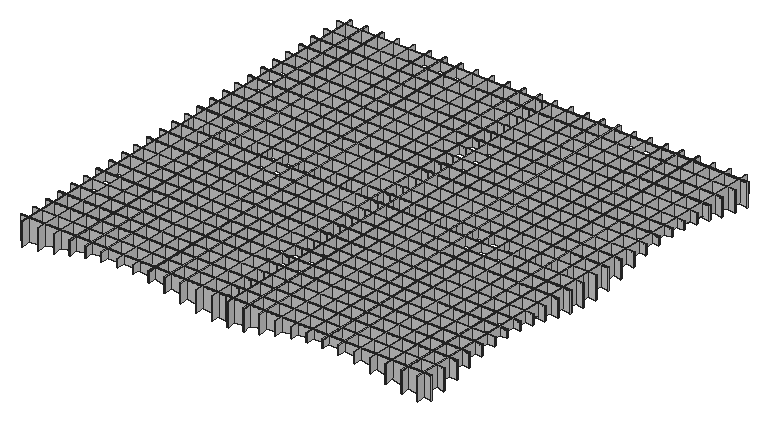
Revit family "CLD-WFL-002_RFA", category Modelos genéricos, Revit 2022 (continued)
Forms (in)
  Extrusion 24, solid
    sketch origin (0, 45.45478, 0) x (1, 0, 0) y (0, 0, 1)
      loop
        spline (3.90978, 7.46871) -> (4.64427, 7.44283) -> (5.37852, 7.41184) -> (6.11245, 7.37564) -> (6.84598, 7.33415) -> (7.57905, 7.28726) -> (8.31158, 7.23488) -> (9.04349, 7.17692) -> (9.77471, 7.11327) -> (10.50517, 7.04386) -> (11.23479, 6.96857) -> (11.9635, 6.88732) -> (12.69122, 6.80001)
        spline (12.69122, 6.80001) -> (13.34456, 6.71191) -> (13.99682, 6.61804) -> (14.64799, 6.5185) -> (15.29813, 6.41358) -> (15.94729, 6.30354) -> (16.59553, 6.18867) -> (17.2429, 6.06925) -> (17.88946, 5.94556) -> (18.53527, 5.81787) -> (19.18038, 5.68647) -> (19.82484, 5.55162) -> (20.46871, 5.41362)
        spline (20.46871, 5.41362) -> (21.20701, 5.25043) -> (21.94481, 5.08446) -> (22.68216, 4.91603) -> (23.41914, 4.74548) -> (24.15581, 4.57314) -> (24.89224, 4.39932) -> (25.62848, 4.22436) -> (26.36461, 4.04857) -> (27.10068, 3.8723) -> (27.83677, 3.69586) -> (28.57293, 3.51959) -> (29.30922, 3.3438)
        spline (29.30922, 3.3438) -> (29.95995, 3.18922) -> (30.61094, 3.03586) -> (31.26223, 2.884) -> (31.91387, 2.73392) -> (32.56591, 2.58591) -> (33.21841, 2.44027) -> (33.87141, 2.29726) -> (34.52497, 2.15719) -> (35.17914, 2.02034) -> (35.83396, 1.88699) -> (36.48949, 1.75744) -> (37.14578, 1.63196)
        spline (37.14578, 1.63196) -> (37.87194, 1.50186) -> (38.59907, 1.37703) -> (39.32723, 1.25779) -> (40.05647, 1.14445) -> (40.78684, 1.03728) -> (41.51831, 0.93629) -> (42.25083, 0.84139) -> (42.98434, 0.75249) -> (43.71879, 0.66948) -> (44.45413, 0.59228) -> (45.19029, 0.52078) -> (45.92722, 0.45488)
        spline (45.92722, 0.45488) -> (46.57816, 0.40504) -> (47.22964, 0.35985) -> (47.88162, 0.31924) -> (48.53404, 0.28312) -> (49.18687, 0.2514) -> (49.84004, 0.224) -> (50.49352, 0.20084) -> (51.14725, 0.18183) -> (51.80119, 0.1669) -> (52.45529, 0.15595) -> (53.1095, 0.14891) -> (53.76378, 0.14568)
        spline (53.76378, 0.14568) -> (54.49695, 0.14945) -> (55.23005, 0.1575) -> (55.96302, 0.16993) -> (56.69581, 0.18682) -> (57.42837, 0.20828) -> (58.16064, 0.23439) -> (58.89257, 0.26525) -> (59.6241, 0.30095) -> (60.35518, 0.34158) -> (61.08577, 0.38725) -> (61.8158, 0.43804) -> (62.54522, 0.49405)
        spline (62.54522, 0.49405) -> (63.20286, 0.55285) -> (63.85981, 0.61666) -> (64.51602, 0.68555) -> (65.17144, 0.75961) -> (65.82603, 0.83894) -> (66.47973, 0.92362) -> (67.1325, 1.01374) -> (67.78428, 1.10938) -> (68.43505, 1.21052) -> (69.08486, 1.31692) -> (69.73376, 1.42831) -> (70.38178, 1.54441)
        spline (70.38178, 1.54441) -> (71.11719, 1.68452) -> (71.85174, 1.82919) -> (72.58551, 1.97812) -> (73.31855, 2.13097) -> (74.05091, 2.28743) -> (74.78265, 2.44718) -> (75.51383, 2.60988) -> (76.24449, 2.77524) -> (76.97471, 2.94291) -> (77.70453, 3.11258) -> (78.43402, 3.28394) -> (79.16322, 3.45665)
        spline (79.16322, 3.45665) -> (79.81589, 3.61318) -> (80.46845, 3.77015) -> (81.12094, 3.92726) -> (81.77342, 4.08422) -> (82.42595, 4.24075) -> (83.07858, 4.39655) -> (83.73137, 4.55134) -> (84.38439, 4.70482) -> (85.03768, 4.85671) -> (85.6913, 5.00672) -> (86.34531, 5.15455) -> (86.99978, 5.29992)
        spline (86.99978, 5.29992) -> (87.72678, 5.4553) -> (88.45445, 5.60712) -> (89.18284, 5.75506) -> (89.91202, 5.8988) -> (90.64204, 6.03803) -> (91.37299, 6.17243) -> (92.1049, 6.3017) -> (92.83786, 6.42551) -> (93.57191, 6.54354) -> (94.30712, 6.6555) -> (95.04356, 6.76106) -> (95.78122, 6.8601)
        spline (95.78122, 6.8601) -> (96.43065, 6.93786) -> (97.08095, 7.01021) -> (97.73207, 7.07724) -> (98.38393, 7.13903) -> (99.03648, 7.19567) -> (99.68963, 7.24723) -> (100.34334, 7.29382) -> (100.99753, 7.33551) -> (101.65213, 7.37238) -> (102.30709, 7.40452) -> (102.96233, 7.43202) -> (103.61778, 7.45496)
        spline (103.61778, 7.45496) -> (103.98301, 7.46494) -> (104.34826, 7.47372) -> (104.71353, 7.4813) -> (105.0788, 7.48768) -> (105.44406, 7.4929) -> (105.80931, 7.49695) -> (106.17454, 7.49984) -> (106.53973, 7.5016) -> (106.90488, 7.50223) -> (107.26998, 7.50173) -> (107.63503, 7.50014) -> (108, 7.49745)
        line (108, 7.49745) -> (108, 11.82144)
    from -0.47244 to 0
  Extrusion 25, solid
    sketch origin (0, 53.64567, 0) x (1, 0, 0) y (0, 0, 1)
      loop
        line (108, 11.82144) -> (0, 11.82144) -> (0, 7.82144)
        spline (0, 7.82144) -> (0.32561, 7.82095) -> (0.65129, 7.81946) -> (0.97702, 7.81696) -> (1.3028, 7.81344) -> (1.62862, 7.80889) -> (1.95447, 7.8033) -> (2.28035, 7.79666) -> (2.60624, 7.78896) -> (2.93213, 7.78018) -> (3.25803, 7.77032) -> (3.58391, 7.75937) -> (3.90978, 7.74731)
        spline (3.90978, 7.74731) -> (4.64427, 7.71242) -> (5.37852, 7.6723) -> (6.11245, 7.62684) -> (6.84598, 7.57595) -> (7.57905, 7.51952) -> (8.31158, 7.45747) -> (9.04349, 7.38968) -> (9.77471, 7.31607) -> (10.50517, 7.23653) -> (11.23479, 7.15095) -> (11.9635, 7.05926) -> (12.69122, 6.96133)
        spline (12.69122, 6.96133) -> (13.34952, 6.86267) -> (14.00673, 6.75803) -> (14.66285, 6.64752) -> (15.31792, 6.53144) -> (15.97202, 6.41007) -> (16.62518, 6.28371) -> (17.27747, 6.15266) -> (17.92894, 6.0172) -> (18.57965, 5.87763) -> (19.22966, 5.73424) -> (19.87902, 5.58733) -> (20.52778, 5.43719)
        spline (20.52778, 5.43719) -> (21.26115, 5.26223) -> (21.99402, 5.08449) -> (22.72645, 4.90432) -> (23.4585, 4.72204) -> (24.19025, 4.53802) -> (24.92176, 4.35257) -> (25.65308, 4.16604) -> (26.38429, 3.97878) -> (27.11545, 3.79111) -> (27.84661, 3.60337) -> (28.57785, 3.41592) -> (29.30922, 3.22908)
        spline (29.30922, 3.22908) -> (29.95995, 3.06408) -> (30.61094, 2.90045) -> (31.26223, 2.73848) -> (31.91387, 2.57847) -> (32.56591, 2.42072) -> (33.21841, 2.26553) -> (33.87141, 2.1132) -> (34.52497, 1.96402) -> (35.17914, 1.81831) -> (35.83396, 1.67635) -> (36.48949, 1.53845) -> (37.14578, 1.4049)
        spline (37.14578, 1.4049) -> (37.87194, 1.26645) -> (38.59907, 1.13361) -> (39.32723, 1.00672) -> (40.05647, 0.88609) -> (40.78684, 0.772) -> (41.51831, 0.66448) -> (42.25083, 0.56343) -> (42.98434, 0.46874) -> (43.71879, 0.38032) -> (44.45413, 0.29806) -> (45.19029, 0.22187) -> (45.92722, 0.15163)
        spline (45.92722, 0.15163) -> (46.57816, 0.09849) -> (47.22964, 0.0503) -> (47.88162, 0.00698) -> (48.53404, -0.03156) -> (49.18687, -0.06541) -> (49.84004, -0.09465) -> (50.49352, -0.11938) -> (51.14725, -0.13967) -> (51.80119, -0.15563) -> (52.45529, -0.16732) -> (53.1095, -0.17485) -> (53.76378, -0.1783)
        spline (53.76378, -0.1783) -> (54.49695, -0.17427) -> (55.23005, -0.16567) -> (55.96302, -0.1524) -> (56.69581, -0.13436) -> (57.42837, -0.11145) -> (58.16064, -0.08358) -> (58.89257, -0.05065) -> (59.6241, -0.01255) -> (60.35519, 0.0308) -> (61.08577, 0.07951) -> (61.8158, 0.13367) -> (62.54522, 0.19339)
        spline (62.54522, 0.19339) -> (63.20286, 0.25606) -> (63.85981, 0.32405) -> (64.51602, 0.39745) -> (65.17144, 0.47635) -> (65.82603, 0.56084) -> (66.47973, 0.65101) -> (67.1325, 0.74696) -> (67.78428, 0.84876) -> (68.43505, 0.95641) -> (69.08486, 1.06964) -> (69.73376, 1.18818) -> (70.38178, 1.31173)
        spline (70.38178, 1.31173) -> (71.11718, 1.46086) -> (71.85174, 1.61486) -> (72.58551, 1.77342) -> (73.31855, 1.93618) -> (74.05091, 2.10281) -> (74.78265, 2.27299) -> (75.51382, 2.44637) -> (76.24449, 2.62262) -> (76.97471, 2.8014) -> (77.70453, 2.98238) -> (78.43402, 3.16522) -> (79.16322, 3.34958)
        spline (79.16322, 3.34958) -> (79.81589, 3.5168) -> (80.46845, 3.68457) -> (81.12094, 3.85259) -> (81.77342, 4.02055) -> (82.42595, 4.18815) -> (83.07858, 4.35509) -> (83.73137, 4.52107) -> (84.38439, 4.68578) -> (85.03768, 4.84892) -> (85.6913, 5.01019) -> (86.34531, 5.16929) -> (86.99978, 5.32592)
        spline (86.99978, 5.32592) -> (87.72678, 5.49371) -> (88.45445, 5.65788) -> (89.18284, 5.8181) -> (89.91202, 5.97405) -> (90.64205, 6.12539) -> (91.37299, 6.27179) -> (92.10491, 6.41294) -> (92.83786, 6.54849) -> (93.57191, 6.67812) -> (94.30713, 6.8015) -> (95.04356, 6.9183) -> (95.78122, 7.02841)
        spline (95.78122, 7.02841) -> (96.43065, 7.11563) -> (97.08095, 7.1973) -> (97.73207, 7.2735) -> (98.38393, 7.34432) -> (99.03648, 7.40985) -> (99.68963, 7.47018) -> (100.34334, 7.52539) -> (100.99753, 7.57558) -> (101.65213, 7.62083) -> (102.30709, 7.66123) -> (102.96233, 7.69687) -> (103.61778, 7.72784)
        spline (103.61778, 7.72784) -> (103.98301, 7.74223) -> (104.34826, 7.75539) -> (104.71352, 7.76731) -> (105.07879, 7.77803) -> (105.44406, 7.78753) -> (105.80931, 7.79585) -> (106.17453, 7.80299) -> (106.53973, 7.80897) -> (106.90488, 7.81379) -> (107.26998, 7.81746) -> (107.63503, 7.82001) -> (108, 7.82144)
        line (108, 7.82144) -> (108, 11.82144)
    from -0.11811 to 0
  Extrusion 26, solid, not visible
    sketch origin (0, 41.545, 0) x (1, 0, 0) y (0, 0, 1)
      loop
        line (108, 11.82144) -> (0, 11.82144) -> (0, 7.49745)
        spline (0, 7.49745) -> (0.32561, 7.50061) -> (0.65129, 7.5028) -> (0.97702, 7.504) -> (1.3028, 7.50421) -> (1.62862, 7.5034) -> (1.95447, 7.50158) -> (2.28035, 7.49874) -> (2.60624, 7.49485) -> (2.93213, 7.48991) -> (3.25803, 7.48392) -> (3.58391, 7.47685) -> (3.90978, 7.46871)
        spline (3.90978, 7.46871) -> (4.64427, 7.44283) -> (5.37852, 7.41184) -> (6.11245, 7.37564) -> (6.84598, 7.33415) -> (7.57905, 7.28726) -> (8.31158, 7.23488) -> (9.04349, 7.17692) -> (9.77471, 7.11327) -> (10.50517, 7.04386) -> (11.23479, 6.96857) -> (11.9635, 6.88732) -> (12.69122, 6.80001)
        spline (12.69122, 6.80001) -> (13.34456, 6.71191) -> (13.99682, 6.61804) -> (14.64799, 6.5185) -> (15.29813, 6.41358) -> (15.94729, 6.30354) -> (16.59553, 6.18867) -> (17.2429, 6.06925) -> (17.88946, 5.94556) -> (18.53527, 5.81787) -> (19.18038, 5.68647) -> (19.82484, 5.55162) -> (20.46871, 5.41362)
        spline (20.46871, 5.41362) -> (21.20701, 5.25043) -> (21.94481, 5.08446) -> (22.68216, 4.91603) -> (23.41914, 4.74548) -> (24.15581, 4.57314) -> (24.89224, 4.39932) -> (25.62848, 4.22436) -> (26.36461, 4.04857) -> (27.10068, 3.8723) -> (27.83677, 3.69586) -> (28.57293, 3.51959) -> (29.30922, 3.3438)
        spline (29.30922, 3.3438) -> (29.95995, 3.18922) -> (30.61094, 3.03586) -> (31.26223, 2.884) -> (31.91387, 2.73392) -> (32.56591, 2.58591) -> (33.21841, 2.44027) -> (33.87141, 2.29726) -> (34.52497, 2.15719) -> (35.17914, 2.02034) -> (35.83396, 1.88699) -> (36.48949, 1.75744) -> (37.14578, 1.63196)
        spline (37.14578, 1.63196) -> (37.87194, 1.50186) -> (38.59907, 1.37703) -> (39.32723, 1.25779) -> (40.05647, 1.14445) -> (40.78684, 1.03728) -> (41.51831, 0.93629) -> (42.25083, 0.84139) -> (42.98434, 0.75249) -> (43.71879, 0.66948) -> (44.45413, 0.59228) -> (45.19029, 0.52078) -> (45.92722, 0.45488)
        spline (45.92722, 0.45488) -> (46.57816, 0.40504) -> (47.22964, 0.35985) -> (47.88162, 0.31924) -> (48.53404, 0.28312) -> (49.18687, 0.2514) -> (49.84004, 0.224) -> (50.49352, 0.20084) -> (51.14725, 0.18183) -> (51.80119, 0.1669) -> (52.45529, 0.15595) -> (53.1095, 0.14891) -> (53.76378, 0.14568)
        spline (53.76378, 0.14568) -> (54.49695, 0.14945) -> (55.23005, 0.1575) -> (55.96302, 0.16993) -> (56.69581, 0.18682) -> (57.42837, 0.20828) -> (58.16064, 0.23439) -> (58.89257, 0.26525) -> (59.6241, 0.30095) -> (60.35518, 0.34158) -> (61.08577, 0.38725) -> (61.8158, 0.43804) -> (62.54522, 0.49405)
        spline (62.54522, 0.49405) -> (63.20286, 0.55285) -> (63.85981, 0.61666) -> (64.51602, 0.68555) -> (65.17144, 0.75961) -> (65.82603, 0.83894) -> (66.47973, 0.92362) -> (67.1325, 1.01374) -> (67.78428, 1.10938) -> (68.43505, 1.21052) -> (69.08486, 1.31692) -> (69.73376, 1.42831) -> (70.38178, 1.54441)
        spline (70.38178, 1.54441) -> (71.11719, 1.68452) -> (71.85174, 1.82919) -> (72.58551, 1.97812) -> (73.31855, 2.13097) -> (74.05091, 2.28743) -> (74.78265, 2.44718) -> (75.51383, 2.60988) -> (76.24449, 2.77524) -> (76.97471, 2.94291) -> (77.70453, 3.11258) -> (78.43402, 3.28394) -> (79.16322, 3.45665)
        spline (79.16322, 3.45665) -> (79.81589, 3.61318) -> (80.46845, 3.77015) -> (81.12094, 3.92726) -> (81.77342, 4.08422) -> (82.42595, 4.24075) -> (83.07858, 4.39655) -> (83.73137, 4.55134) -> (84.38439, 4.70482) -> (85.03768, 4.85671) -> (85.6913, 5.00672) -> (86.34531, 5.15455) -> (86.99978, 5.29992)
        spline (86.99978, 5.29992) -> (87.72678, 5.4553) -> (88.45445, 5.60712) -> (89.18284, 5.75506) -> (89.91202, 5.8988) -> (90.64204, 6.03803) -> (91.37299, 6.17243) -> (92.1049, 6.3017) -> (92.83786, 6.42551) -> (93.57191, 6.54354) -> (94.30712, 6.6555) -> (95.04356, 6.76106) -> (95.78122, 6.8601)
        spline (95.78122, 6.8601) -> (96.43065, 6.93786) -> (97.08095, 7.01021) -> (97.73207, 7.07724) -> (98.38393, 7.13903) -> (99.03648, 7.19567) -> (99.68963, 7.24723) -> (100.34334, 7.29382) -> (100.99753, 7.33551) -> (101.65213, 7.37238) -> (102.30709, 7.40452) -> (102.96233, 7.43202) -> (103.61778, 7.45496)
        spline (103.61778, 7.45496) -> (103.98301, 7.46494) -> (104.34826, 7.47372) -> (104.71353, 7.4813) -> (105.0788, 7.48768) -> (105.44406, 7.4929) -> (105.80931, 7.49695) -> (106.17454, 7.49984) -> (106.53973, 7.5016) -> (106.90488, 7.50223) -> (107.26998, 7.50173) -> (107.63503, 7.50014) -> (108, 7.49745)
        line (108, 7.49745) -> (108, 11.82144)
    from -0.11811 to 0
  Extrusion 27, solid, not visible
    sketch origin (0, 41.66311, 0) x (1, 0, 0) y (0, 0, 1)
      loop
        line (108, 11.82144) -> (0, 11.82144) -> (0, 7.49745)
        spline (0, 7.49745) -> (0.32561, 7.50061) -> (0.65129, 7.5028) -> (0.97702, 7.504) -> (1.3028, 7.50421) -> (1.62862, 7.5034) -> (1.95447, 7.50158) -> (2.28035, 7.49874) -> (2.60624, 7.49485) -> (2.93213, 7.48991) -> (3.25803, 7.48392) -> (3.58391, 7.47685) -> (3.90978, 7.46871)
        spline (3.90978, 7.46871) -> (4.64427, 7.44283) -> (5.37852, 7.41184) -> (6.11245, 7.37564) -> (6.84598, 7.33415) -> (7.57905, 7.28726) -> (8.31158, 7.23488) -> (9.04349, 7.17692) -> (9.77471, 7.11327) -> (10.50517, 7.04386) -> (11.23479, 6.96857) -> (11.9635, 6.88732) -> (12.69122, 6.80001)
        spline (12.69122, 6.80001) -> (13.34456, 6.71191) -> (13.99682, 6.61804) -> (14.64799, 6.5185) -> (15.29813, 6.41358) -> (15.94729, 6.30354) -> (16.59553, 6.18867) -> (17.2429, 6.06925) -> (17.88946, 5.94556) -> (18.53527, 5.81787) -> (19.18038, 5.68647) -> (19.82484, 5.55162) -> (20.46871, 5.41362)
        spline (20.46871, 5.41362) -> (21.20701, 5.25043) -> (21.94481, 5.08446) -> (22.68216, 4.91603) -> (23.41914, 4.74548) -> (24.15581, 4.57314) -> (24.89224, 4.39932) -> (25.62848, 4.22436) -> (26.36461, 4.04857) -> (27.10068, 3.8723) -> (27.83677, 3.69586) -> (28.57293, 3.51959) -> (29.30922, 3.3438)
        spline (29.30922, 3.3438) -> (29.95995, 3.18922) -> (30.61094, 3.03586) -> (31.26223, 2.884) -> (31.91387, 2.73392) -> (32.56591, 2.58591) -> (33.21841, 2.44027) -> (33.87141, 2.29726) -> (34.52497, 2.15719) -> (35.17914, 2.02034) -> (35.83396, 1.88699) -> (36.48949, 1.75744) -> (37.14578, 1.63196)
        spline (37.14578, 1.63196) -> (37.87194, 1.50186) -> (38.59907, 1.37703) -> (39.32723, 1.25779) -> (40.05647, 1.14445) -> (40.78684, 1.03728) -> (41.51831, 0.93629) -> (42.25083, 0.84139) -> (42.98434, 0.75249) -> (43.71879, 0.66948) -> (44.45413, 0.59228) -> (45.19029, 0.52078) -> (45.92722, 0.45488)
        spline (45.92722, 0.45488) -> (46.57816, 0.40504) -> (47.22964, 0.35985) -> (47.88162, 0.31924) -> (48.53404, 0.28312) -> (49.18687, 0.2514) -> (49.84004, 0.224) -> (50.49352, 0.20084) -> (51.14725, 0.18183) -> (51.80119, 0.1669) -> (52.45529, 0.15595) -> (53.1095, 0.14891) -> (53.76378, 0.14568)
        spline (53.76378, 0.14568) -> (54.49695, 0.14945) -> (55.23005, 0.1575) -> (55.96302, 0.16993) -> (56.69581, 0.18682) -> (57.42837, 0.20828) -> (58.16064, 0.23439) -> (58.89257, 0.26525) -> (59.6241, 0.30095) -> (60.35518, 0.34158) -> (61.08577, 0.38725) -> (61.8158, 0.43804) -> (62.54522, 0.49405)
        spline (62.54522, 0.49405) -> (63.20286, 0.55285) -> (63.85981, 0.61666) -> (64.51602, 0.68555) -> (65.17144, 0.75961) -> (65.82603, 0.83894) -> (66.47973, 0.92362) -> (67.1325, 1.01374) -> (67.78428, 1.10938) -> (68.43505, 1.21052) -> (69.08486, 1.31692) -> (69.73376, 1.42831) -> (70.38178, 1.54441)
        spline (70.38178, 1.54441) -> (71.11719, 1.68452) -> (71.85174, 1.82919) -> (72.58551, 1.97812) -> (73.31855, 2.13097) -> (74.05091, 2.28743) -> (74.78265, 2.44718) -> (75.51383, 2.60988) -> (76.24449, 2.77524) -> (76.97471, 2.94291) -> (77.70453, 3.11258) -> (78.43402, 3.28394) -> (79.16322, 3.45665)
        spline (79.16322, 3.45665) -> (79.81589, 3.61318) -> (80.46845, 3.77015) -> (81.12094, 3.92726) -> (81.77342, 4.08422) -> (82.42595, 4.24075) -> (83.07858, 4.39655) -> (83.73137, 4.55134) -> (84.38439, 4.70482) -> (85.03768, 4.85671) -> (85.6913, 5.00672) -> (86.34531, 5.15455) -> (86.99978, 5.29992)
        spline (86.99978, 5.29992) -> (87.72678, 5.4553) -> (88.45445, 5.60712) -> (89.18284, 5.75506) -> (89.91202, 5.8988) -> (90.64204, 6.03803) -> (91.37299, 6.17243) -> (92.1049, 6.3017) -> (92.83786, 6.42551) -> (93.57191, 6.54354) -> (94.30712, 6.6555) -> (95.04356, 6.76106) -> (95.78122, 6.8601)
        spline (95.78122, 6.8601) -> (96.43065, 6.93786) -> (97.08095, 7.01021) -> (97.73207, 7.07724) -> (98.38393, 7.13903) -> (99.03648, 7.19567) -> (99.68963, 7.24723) -> (100.34334, 7.29382) -> (100.99753, 7.33551) -> (101.65213, 7.37238) -> (102.30709, 7.40452) -> (102.96233, 7.43202) -> (103.61778, 7.45496)
        spline (103.61778, 7.45496) -> (103.98301, 7.46494) -> (104.34826, 7.47372) -> (104.71353, 7.4813) -> (105.0788, 7.48768) -> (105.44406, 7.4929) -> (105.80931, 7.49695) -> (106.17454, 7.49984) -> (106.53973, 7.5016) -> (106.90488, 7.50223) -> (107.26998, 7.50173) -> (107.63503, 7.50014) -> (108, 7.49745)
        line (108, 7.49745) -> (108, 11.82144)
    from -0.47244 to 0
  Extrusion 28, solid
    sketch origin (0, 53.76378, 0) x (1, 0, 0) y (0, 0, 1)
      loop
        line (108, 11.82144) -> (0, 11.82144) -> (0, 7.82144)
        spline (0, 7.82144) -> (0.32561, 7.82095) -> (0.65129, 7.81946) -> (0.97702, 7.81696) -> (1.3028, 7.81344) -> (1.62862, 7.80889) -> (1.95447, 7.8033) -> (2.28035, 7.79666) -> (2.60624, 7.78896) -> (2.93213, 7.78018) -> (3.25803, 7.77032) -> (3.58391, 7.75937) -> (3.90978, 7.74731)
        spline (3.90978, 7.74731) -> (4.64427, 7.71242) -> (5.37852, 7.6723) -> (6.11245, 7.62684) -> (6.84598, 7.57595) -> (7.57905, 7.51952) -> (8.31158, 7.45747) -> (9.04349, 7.38968) -> (9.77471, 7.31607) -> (10.50517, 7.23653) -> (11.23479, 7.15095) -> (11.9635, 7.05926) -> (12.69122, 6.96133)
        spline (12.69122, 6.96133) -> (13.34952, 6.86267) -> (14.00673, 6.75803) -> (14.66285, 6.64752) -> (15.31792, 6.53144) -> (15.97202, 6.41007) -> (16.62518, 6.28371) -> (17.27747, 6.15266) -> (17.92894, 6.0172) -> (18.57965, 5.87763) -> (19.22966, 5.73424) -> (19.87902, 5.58733) -> (20.52778, 5.43719)
        spline (20.52778, 5.43719) -> (21.26115, 5.26223) -> (21.99402, 5.08449) -> (22.72645, 4.90432) -> (23.4585, 4.72204) -> (24.19025, 4.53802) -> (24.92176, 4.35257) -> (25.65308, 4.16604) -> (26.38429, 3.97878) -> (27.11545, 3.79111) -> (27.84661, 3.60337) -> (28.57785, 3.41592) -> (29.30922, 3.22908)
        spline (29.30922, 3.22908) -> (29.95995, 3.06408) -> (30.61094, 2.90045) -> (31.26223, 2.73848) -> (31.91387, 2.57847) -> (32.56591, 2.42072) -> (33.21841, 2.26553) -> (33.87141, 2.1132) -> (34.52497, 1.96402) -> (35.17914, 1.81831) -> (35.83396, 1.67635) -> (36.48949, 1.53845) -> (37.14578, 1.4049)
        spline (37.14578, 1.4049) -> (37.87194, 1.26645) -> (38.59907, 1.13361) -> (39.32723, 1.00672) -> (40.05647, 0.88609) -> (40.78684, 0.772) -> (41.51831, 0.66448) -> (42.25083, 0.56343) -> (42.98434, 0.46874) -> (43.71879, 0.38032) -> (44.45413, 0.29806) -> (45.19029, 0.22187) -> (45.92722, 0.15163)
        spline (45.92722, 0.15163) -> (46.57816, 0.09849) -> (47.22964, 0.0503) -> (47.88162, 0.00698) -> (48.53404, -0.03156) -> (49.18687, -0.06541) -> (49.84004, -0.09465) -> (50.49352, -0.11938) -> (51.14725, -0.13967) -> (51.80119, -0.15563) -> (52.45529, -0.16732) -> (53.1095, -0.17485) -> (53.76378, -0.1783)
        spline (53.76378, -0.1783) -> (54.49695, -0.17427) -> (55.23005, -0.16567) -> (55.96302, -0.1524) -> (56.69581, -0.13436) -> (57.42837, -0.11145) -> (58.16064, -0.08358) -> (58.89257, -0.05065) -> (59.6241, -0.01255) -> (60.35519, 0.0308) -> (61.08577, 0.07951) -> (61.8158, 0.13367) -> (62.54522, 0.19339)
        spline (62.54522, 0.19339) -> (63.20286, 0.25606) -> (63.85981, 0.32405) -> (64.51602, 0.39745) -> (65.17144, 0.47635) -> (65.82603, 0.56084) -> (66.47973, 0.65101) -> (67.1325, 0.74696) -> (67.78428, 0.84876) -> (68.43505, 0.95641) -> (69.08486, 1.06964) -> (69.73376, 1.18818) -> (70.38178, 1.31173)
        spline (70.38178, 1.31173) -> (71.11718, 1.46086) -> (71.85174, 1.61486) -> (72.58551, 1.77342) -> (73.31855, 1.93618) -> (74.05091, 2.10281) -> (74.78265, 2.27299) -> (75.51382, 2.44637) -> (76.24449, 2.62262) -> (76.97471, 2.8014) -> (77.70453, 2.98238) -> (78.43402, 3.16522) -> (79.16322, 3.34958)
        spline (79.16322, 3.34958) -> (79.81589, 3.5168) -> (80.46845, 3.68457) -> (81.12094, 3.85259) -> (81.77342, 4.02055) -> (82.42595, 4.18815) -> (83.07858, 4.35509) -> (83.73137, 4.52107) -> (84.38439, 4.68578) -> (85.03768, 4.84892) -> (85.6913, 5.01019) -> (86.34531, 5.16929) -> (86.99978, 5.32592)
        spline (86.99978, 5.32592) -> (87.72678, 5.49371) -> (88.45445, 5.65788) -> (89.18284, 5.8181) -> (89.91202, 5.97405) -> (90.64205, 6.12539) -> (91.37299, 6.27179) -> (92.10491, 6.41294) -> (92.83786, 6.54849) -> (93.57191, 6.67812) -> (94.30713, 6.8015) -> (95.04356, 6.9183) -> (95.78122, 7.02841)
        spline (95.78122, 7.02841) -> (96.43065, 7.11563) -> (97.08095, 7.1973) -> (97.73207, 7.2735) -> (98.38393, 7.34432) -> (99.03648, 7.40985) -> (99.68963, 7.47018) -> (100.34334, 7.52539) -> (100.99753, 7.57558) -> (101.65213, 7.62083) -> (102.30709, 7.66123) -> (102.96233, 7.69687) -> (103.61778, 7.72784)
        spline (103.61778, 7.72784) -> (103.98301, 7.74223) -> (104.34826, 7.75539) -> (104.71352, 7.76731) -> (105.07879, 7.77803) -> (105.44406, 7.78753) -> (105.80931, 7.79585) -> (106.17453, 7.80299) -> (106.53973, 7.80897) -> (106.90488, 7.81379) -> (107.26998, 7.81746) -> (107.63503, 7.82001) -> (108, 7.82144)
        line (108, 7.82144) -> (108, 11.82144)
    from -0.47244 to 0
  Extrusion 29, solid, not visible
    sketch origin (0, 49.854, 0) x (1, 0, 0) y (0, 0, 1)
      loop
        line (108, 11.82144) -> (0, 11.82144) -> (0, 7.82144)
        spline (0, 7.82144) -> (0.32561, 7.82095) -> (0.65129, 7.81946) -> (0.97702, 7.81696) -> (1.3028, 7.81344) -> (1.62862, 7.80889) -> (1.95447, 7.8033) -> (2.28035, 7.79666) -> (2.60624, 7.78896) -> (2.93213, 7.78018) -> (3.25803, 7.77032) -> (3.58391, 7.75937) -> (3.90978, 7.74731)
        spline (3.90978, 7.74731) -> (4.64427, 7.71242) -> (5.37852, 7.6723) -> (6.11245, 7.62684) -> (6.84598, 7.57595) -> (7.57905, 7.51952) -> (8.31158, 7.45747) -> (9.04349, 7.38968) -> (9.77471, 7.31607) -> (10.50517, 7.23653) -> (11.23479, 7.15095) -> (11.9635, 7.05926) -> (12.69122, 6.96133)
        spline (12.69122, 6.96133) -> (13.34952, 6.86267) -> (14.00673, 6.75803) -> (14.66285, 6.64752) -> (15.31792, 6.53144) -> (15.97202, 6.41007) -> (16.62518, 6.28371) -> (17.27747, 6.15266) -> (17.92894, 6.0172) -> (18.57965, 5.87763) -> (19.22966, 5.73424) -> (19.87902, 5.58733) -> (20.52778, 5.43719)
        spline (20.52778, 5.43719) -> (21.26115, 5.26223) -> (21.99402, 5.08449) -> (22.72645, 4.90432) -> (23.4585, 4.72204) -> (24.19025, 4.53802) -> (24.92176, 4.35257) -> (25.65308, 4.16604) -> (26.38429, 3.97878) -> (27.11545, 3.79111) -> (27.84661, 3.60337) -> (28.57785, 3.41592) -> (29.30922, 3.22908)
        spline (29.30922, 3.22908) -> (29.95995, 3.06408) -> (30.61094, 2.90045) -> (31.26223, 2.73848) -> (31.91387, 2.57847) -> (32.56591, 2.42072) -> (33.21841, 2.26553) -> (33.87141, 2.1132) -> (34.52497, 1.96402) -> (35.17914, 1.81831) -> (35.83396, 1.67635) -> (36.48949, 1.53845) -> (37.14578, 1.4049)
        spline (37.14578, 1.4049) -> (37.87194, 1.26645) -> (38.59907, 1.13361) -> (39.32723, 1.00672) -> (40.05647, 0.88609) -> (40.78684, 0.772) -> (41.51831, 0.66448) -> (42.25083, 0.56343) -> (42.98434, 0.46874) -> (43.71879, 0.38032) -> (44.45413, 0.29806) -> (45.19029, 0.22187) -> (45.92722, 0.15163)
        spline (45.92722, 0.15163) -> (46.57816, 0.09849) -> (47.22964, 0.0503) -> (47.88162, 0.00698) -> (48.53404, -0.03156) -> (49.18687, -0.06541) -> (49.84004, -0.09465) -> (50.49352, -0.11938) -> (51.14725, -0.13967) -> (51.80119, -0.15563) -> (52.45529, -0.16732) -> (53.1095, -0.17485) -> (53.76378, -0.1783)
        spline (53.76378, -0.1783) -> (54.49695, -0.17427) -> (55.23005, -0.16567) -> (55.96302, -0.1524) -> (56.69581, -0.13436) -> (57.42837, -0.11145) -> (58.16064, -0.08358) -> (58.89257, -0.05065) -> (59.6241, -0.01255) -> (60.35519, 0.0308) -> (61.08577, 0.07951) -> (61.8158, 0.13367) -> (62.54522, 0.19339)
        spline (62.54522, 0.19339) -> (63.20286, 0.25606) -> (63.85981, 0.32405) -> (64.51602, 0.39745) -> (65.17144, 0.47635) -> (65.82603, 0.56084) -> (66.47973, 0.65101) -> (67.1325, 0.74696) -> (67.78428, 0.84876) -> (68.43505, 0.95641) -> (69.08486, 1.06964) -> (69.73376, 1.18818) -> (70.38178, 1.31173)
        spline (70.38178, 1.31173) -> (71.11718, 1.46086) -> (71.85174, 1.61486) -> (72.58551, 1.77342) -> (73.31855, 1.93618) -> (74.05091, 2.10281) -> (74.78265, 2.27299) -> (75.51382, 2.44637) -> (76.24449, 2.62262) -> (76.97471, 2.8014) -> (77.70453, 2.98238) -> (78.43402, 3.16522) -> (79.16322, 3.34958)
        spline (79.16322, 3.34958) -> (79.81589, 3.5168) -> (80.46845, 3.68457) -> (81.12094, 3.85259) -> (81.77342, 4.02055) -> (82.42595, 4.18815) -> (83.07858, 4.35509) -> (83.73137, 4.52107) -> (84.38439, 4.68578) -> (85.03768, 4.84892) -> (85.6913, 5.01019) -> (86.34531, 5.16929) -> (86.99978, 5.32592)
        spline (86.99978, 5.32592) -> (87.72678, 5.49371) -> (88.45445, 5.65788) -> (89.18284, 5.8181) -> (89.91202, 5.97405) -> (90.64205, 6.12539) -> (91.37299, 6.27179) -> (92.10491, 6.41294) -> (92.83786, 6.54849) -> (93.57191, 6.67812) -> (94.30713, 6.8015) -> (95.04356, 6.9183) -> (95.78122, 7.02841)
        spline (95.78122, 7.02841) -> (96.43065, 7.11563) -> (97.08095, 7.1973) -> (97.73207, 7.2735) -> (98.38393, 7.34432) -> (99.03648, 7.40985) -> (99.68963, 7.47018) -> (100.34334, 7.52539) -> (100.99753, 7.57558) -> (101.65213, 7.62083) -> (102.30709, 7.66123) -> (102.96233, 7.69687) -> (103.61778, 7.72784)
        spline (103.61778, 7.72784) -> (103.98301, 7.74223) -> (104.34826, 7.75539) -> (104.71352, 7.76731) -> (105.07879, 7.77803) -> (105.44406, 7.78753) -> (105.80931, 7.79585) -> (106.17453, 7.80299) -> (106.53973, 7.80897) -> (106.90488, 7.81379) -> (107.26998, 7.81746) -> (107.63503, 7.82001) -> (108, 7.82144)
        line (108, 7.82144) -> (108, 11.82144)
    from -0.11811 to 0
  Extrusion 30, solid, not visible
    sketch origin (0, 49.97211, 0) x (1, 0, 0) y (0, 0, 1)
      loop
        line (108, 11.82144) -> (0, 11.82144) -> (0, 7.82144)
        spline (0, 7.82144) -> (0.32561, 7.82095) -> (0.65129, 7.81946) -> (0.97702, 7.81696) -> (1.3028, 7.81344) -> (1.62862, 7.80889) -> (1.95447, 7.8033) -> (2.28035, 7.79666) -> (2.60624, 7.78896) -> (2.93213, 7.78018) -> (3.25803, 7.77032) -> (3.58391, 7.75937) -> (3.90978, 7.74731)
        spline (3.90978, 7.74731) -> (4.64427, 7.71242) -> (5.37852, 7.6723) -> (6.11245, 7.62684) -> (6.84598, 7.57595) -> (7.57905, 7.51952) -> (8.31158, 7.45747) -> (9.04349, 7.38968) -> (9.77471, 7.31607) -> (10.50517, 7.23653) -> (11.23479, 7.15095) -> (11.9635, 7.05926) -> (12.69122, 6.96133)
        spline (12.69122, 6.96133) -> (13.34952, 6.86267) -> (14.00673, 6.75803) -> (14.66285, 6.64752) -> (15.31792, 6.53144) -> (15.97202, 6.41007) -> (16.62518, 6.28371) -> (17.27747, 6.15266) -> (17.92894, 6.0172) -> (18.57965, 5.87763) -> (19.22966, 5.73424) -> (19.87902, 5.58733) -> (20.52778, 5.43719)
        spline (20.52778, 5.43719) -> (21.26115, 5.26223) -> (21.99402, 5.08449) -> (22.72645, 4.90432) -> (23.4585, 4.72204) -> (24.19025, 4.53802) -> (24.92176, 4.35257) -> (25.65308, 4.16604) -> (26.38429, 3.97878) -> (27.11545, 3.79111) -> (27.84661, 3.60337) -> (28.57785, 3.41592) -> (29.30922, 3.22908)
        spline (29.30922, 3.22908) -> (29.95995, 3.06408) -> (30.61094, 2.90045) -> (31.26223, 2.73848) -> (31.91387, 2.57847) -> (32.56591, 2.42072) -> (33.21841, 2.26553) -> (33.87141, 2.1132) -> (34.52497, 1.96402) -> (35.17914, 1.81831) -> (35.83396, 1.67635) -> (36.48949, 1.53845) -> (37.14578, 1.4049)
        spline (37.14578, 1.4049) -> (37.87194, 1.26645) -> (38.59907, 1.13361) -> (39.32723, 1.00672) -> (40.05647, 0.88609) -> (40.78684, 0.772) -> (41.51831, 0.66448) -> (42.25083, 0.56343) -> (42.98434, 0.46874) -> (43.71879, 0.38032) -> (44.45413, 0.29806) -> (45.19029, 0.22187) -> (45.92722, 0.15163)
        spline (45.92722, 0.15163) -> (46.57816, 0.09849) -> (47.22964, 0.0503) -> (47.88162, 0.00698) -> (48.53404, -0.03156) -> (49.18687, -0.06541) -> (49.84004, -0.09465) -> (50.49352, -0.11938) -> (51.14725, -0.13967) -> (51.80119, -0.15563) -> (52.45529, -0.16732) -> (53.1095, -0.17485) -> (53.76378, -0.1783)
        spline (53.76378, -0.1783) -> (54.49695, -0.17427) -> (55.23005, -0.16567) -> (55.96302, -0.1524) -> (56.69581, -0.13436) -> (57.42837, -0.11145) -> (58.16064, -0.08358) -> (58.89257, -0.05065) -> (59.6241, -0.01255) -> (60.35519, 0.0308) -> (61.08577, 0.07951) -> (61.8158, 0.13367) -> (62.54522, 0.19339)
        spline (62.54522, 0.19339) -> (63.20286, 0.25606) -> (63.85981, 0.32405) -> (64.51602, 0.39745) -> (65.17144, 0.47635) -> (65.82603, 0.56084) -> (66.47973, 0.65101) -> (67.1325, 0.74696) -> (67.78428, 0.84876) -> (68.43505, 0.95641) -> (69.08486, 1.06964) -> (69.73376, 1.18818) -> (70.38178, 1.31173)
        spline (70.38178, 1.31173) -> (71.11718, 1.46086) -> (71.85174, 1.61486) -> (72.58551, 1.77342) -> (73.31855, 1.93618) -> (74.05091, 2.10281) -> (74.78265, 2.27299) -> (75.51382, 2.44637) -> (76.24449, 2.62262) -> (76.97471, 2.8014) -> (77.70453, 2.98238) -> (78.43402, 3.16522) -> (79.16322, 3.34958)
        spline (79.16322, 3.34958) -> (79.81589, 3.5168) -> (80.46845, 3.68457) -> (81.12094, 3.85259) -> (81.77342, 4.02055) -> (82.42595, 4.18815) -> (83.07858, 4.35509) -> (83.73137, 4.52107) -> (84.38439, 4.68578) -> (85.03768, 4.84892) -> (85.6913, 5.01019) -> (86.34531, 5.16929) -> (86.99978, 5.32592)
        spline (86.99978, 5.32592) -> (87.72678, 5.49371) -> (88.45445, 5.65788) -> (89.18284, 5.8181) -> (89.91202, 5.97405) -> (90.64205, 6.12539) -> (91.37299, 6.27179) -> (92.10491, 6.41294) -> (92.83786, 6.54849) -> (93.57191, 6.67812) -> (94.30713, 6.8015) -> (95.04356, 6.9183) -> (95.78122, 7.02841)
        spline (95.78122, 7.02841) -> (96.43065, 7.11563) -> (97.08095, 7.1973) -> (97.73207, 7.2735) -> (98.38393, 7.34432) -> (99.03648, 7.40985) -> (99.68963, 7.47018) -> (100.34334, 7.52539) -> (100.99753, 7.57558) -> (101.65213, 7.62083) -> (102.30709, 7.66123) -> (102.96233, 7.69687) -> (103.61778, 7.72784)
        spline (103.61778, 7.72784) -> (103.98301, 7.74223) -> (104.34826, 7.75539) -> (104.71352, 7.76731) -> (105.07879, 7.77803) -> (105.44406, 7.78753) -> (105.80931, 7.79585) -> (106.17453, 7.80299) -> (106.53973, 7.80897) -> (106.90488, 7.81379) -> (107.26998, 7.81746) -> (107.63503, 7.82001) -> (108, 7.82144)
        line (108, 7.82144) -> (108, 11.82144)
    from -0.47244 to 0
  Extrusion 31, solid
    sketch origin (0, 54.23622, 0) x (1, 0, 0) y (0, 0, 1)
      loop
        line (108, 11.82144) -> (0, 11.82144) -> (0, 7.82144)
        spline (0, 7.82144) -> (0.32561, 7.82095) -> (0.65129, 7.81946) -> (0.97702, 7.81696) -> (1.3028, 7.81344) -> (1.62862, 7.80889) -> (1.95447, 7.8033) -> (2.28035, 7.79666) -> (2.60624, 7.78896) -> (2.93213, 7.78018) -> (3.25803, 7.77032) -> (3.58391, 7.75937) -> (3.90978, 7.74731)
        spline (3.90978, 7.74731) -> (4.64427, 7.71242) -> (5.37852, 7.6723) -> (6.11245, 7.62684) -> (6.84598, 7.57595) -> (7.57905, 7.51952) -> (8.31158, 7.45747) -> (9.04349, 7.38968) -> (9.77471, 7.31607) -> (10.50517, 7.23653) -> (11.23479, 7.15095) -> (11.9635, 7.05926) -> (12.69122, 6.96133)
        spline (12.69122, 6.96133) -> (13.34952, 6.86267) -> (14.00673, 6.75803) -> (14.66285, 6.64752) -> (15.31792, 6.53144) -> (15.97202, 6.41007) -> (16.62518, 6.28371) -> (17.27747, 6.15266) -> (17.92894, 6.0172) -> (18.57965, 5.87763) -> (19.22966, 5.73424) -> (19.87902, 5.58733) -> (20.52778, 5.43719)
        spline (20.52778, 5.43719) -> (21.26115, 5.26223) -> (21.99402, 5.08449) -> (22.72645, 4.90432) -> (23.4585, 4.72204) -> (24.19025, 4.53802) -> (24.92176, 4.35257) -> (25.65308, 4.16604) -> (26.38429, 3.97878) -> (27.11545, 3.79111) -> (27.84661, 3.60337) -> (28.57785, 3.41592) -> (29.30922, 3.22908)
        spline (29.30922, 3.22908) -> (29.95995, 3.06408) -> (30.61094, 2.90045) -> (31.26223, 2.73848) -> (31.91387, 2.57847) -> (32.56591, 2.42072) -> (33.21841, 2.26553) -> (33.87141, 2.1132) -> (34.52497, 1.96402) -> (35.17914, 1.81831) -> (35.83396, 1.67635) -> (36.48949, 1.53845) -> (37.14578, 1.4049)
        spline (37.14578, 1.4049) -> (37.87194, 1.26645) -> (38.59907, 1.13361) -> (39.32723, 1.00672) -> (40.05647, 0.88609) -> (40.78684, 0.772) -> (41.51831, 0.66448) -> (42.25083, 0.56343) -> (42.98434, 0.46874) -> (43.71879, 0.38032) -> (44.45413, 0.29806) -> (45.19029, 0.22187) -> (45.92722, 0.15163)
        spline (45.92722, 0.15163) -> (46.57816, 0.09849) -> (47.22964, 0.0503) -> (47.88162, 0.00698) -> (48.53404, -0.03156) -> (49.18687, -0.06541) -> (49.84004, -0.09465) -> (50.49352, -0.11938) -> (51.14725, -0.13967) -> (51.80119, -0.15563) -> (52.45529, -0.16732) -> (53.1095, -0.17485) -> (53.76378, -0.1783)
        spline (53.76378, -0.1783) -> (54.49695, -0.17427) -> (55.23005, -0.16567) -> (55.96302, -0.1524) -> (56.69581, -0.13436) -> (57.42837, -0.11145) -> (58.16064, -0.08358) -> (58.89257, -0.05065) -> (59.6241, -0.01255) -> (60.35519, 0.0308) -> (61.08577, 0.07951) -> (61.8158, 0.13367) -> (62.54522, 0.19339)
        spline (62.54522, 0.19339) -> (63.20286, 0.25606) -> (63.85981, 0.32405) -> (64.51602, 0.39745) -> (65.17144, 0.47635) -> (65.82603, 0.56084) -> (66.47973, 0.65101) -> (67.1325, 0.74696) -> (67.78428, 0.84876) -> (68.43505, 0.95641) -> (69.08486, 1.06964) -> (69.73376, 1.18818) -> (70.38178, 1.31173)
        spline (70.38178, 1.31173) -> (71.11718, 1.46086) -> (71.85174, 1.61486) -> (72.58551, 1.77342) -> (73.31855, 1.93618) -> (74.05091, 2.10281) -> (74.78265, 2.27299) -> (75.51382, 2.44637) -> (76.24449, 2.62262) -> (76.97471, 2.8014) -> (77.70453, 2.98238) -> (78.43402, 3.16522) -> (79.16322, 3.34958)
        spline (79.16322, 3.34958) -> (79.81589, 3.5168) -> (80.46845, 3.68457) -> (81.12094, 3.85259) -> (81.77342, 4.02055) -> (82.42595, 4.18815) -> (83.07858, 4.35509) -> (83.73137, 4.52107) -> (84.38439, 4.68578) -> (85.03768, 4.84892) -> (85.6913, 5.01019) -> (86.34531, 5.16929) -> (86.99978, 5.32592)
        spline (86.99978, 5.32592) -> (87.72678, 5.49371) -> (88.45445, 5.65788) -> (89.18284, 5.8181) -> (89.91202, 5.97405) -> (90.64205, 6.12539) -> (91.37299, 6.27179) -> (92.10491, 6.41294) -> (92.83786, 6.54849) -> (93.57191, 6.67812) -> (94.30713, 6.8015) -> (95.04356, 6.9183) -> (95.78122, 7.02841)
        spline (95.78122, 7.02841) -> (96.43065, 7.11563) -> (97.08095, 7.1973) -> (97.73207, 7.2735) -> (98.38393, 7.34432) -> (99.03648, 7.40985) -> (99.68963, 7.47018) -> (100.34334, 7.52539) -> (100.99753, 7.57558) -> (101.65213, 7.62083) -> (102.30709, 7.66123) -> (102.96233, 7.69687) -> (103.61778, 7.72784)
        spline (103.61778, 7.72784) -> (103.98301, 7.74223) -> (104.34826, 7.75539) -> (104.71352, 7.76731) -> (105.07879, 7.77803) -> (105.44406, 7.78753) -> (105.80931, 7.79585) -> (106.17453, 7.80299) -> (106.53973, 7.80897) -> (106.90488, 7.81379) -> (107.26998, 7.81746) -> (107.63503, 7.82001) -> (108, 7.82144)
        line (108, 7.82144) -> (108, 11.82144)
    from -0.11811 to 0
  Extrusion 32, solid, not visible
    sketch origin (0, 50.44455, 0) x (1, 0, 0) y (0, 0, 1)
      loop
        line (108, 11.82144) -> (0, 11.82144) -> (0, 7.82144)
        spline (0, 7.82144) -> (0.32561, 7.82095) -> (0.65129, 7.81946) -> (0.97702, 7.81696) -> (1.3028, 7.81344) -> (1.62862, 7.80889) -> (1.95447, 7.8033) -> (2.28035, 7.79666) -> (2.60624, 7.78896) -> (2.93213, 7.78018) -> (3.25803, 7.77032) -> (3.58391, 7.75937) -> (3.90978, 7.74731)
        spline (3.90978, 7.74731) -> (4.64427, 7.71242) -> (5.37852, 7.6723) -> (6.11245, 7.62684) -> (6.84598, 7.57595) -> (7.57905, 7.51952) -> (8.31158, 7.45747) -> (9.04349, 7.38968) -> (9.77471, 7.31607) -> (10.50517, 7.23653) -> (11.23479, 7.15095) -> (11.9635, 7.05926) -> (12.69122, 6.96133)
        spline (12.69122, 6.96133) -> (13.34952, 6.86267) -> (14.00673, 6.75803) -> (14.66285, 6.64752) -> (15.31792, 6.53144) -> (15.97202, 6.41007) -> (16.62518, 6.28371) -> (17.27747, 6.15266) -> (17.92894, 6.0172) -> (18.57965, 5.87763) -> (19.22966, 5.73424) -> (19.87902, 5.58733) -> (20.52778, 5.43719)
        spline (20.52778, 5.43719) -> (21.26115, 5.26223) -> (21.99402, 5.08449) -> (22.72645, 4.90432) -> (23.4585, 4.72204) -> (24.19025, 4.53802) -> (24.92176, 4.35257) -> (25.65308, 4.16604) -> (26.38429, 3.97878) -> (27.11545, 3.79111) -> (27.84661, 3.60337) -> (28.57785, 3.41592) -> (29.30922, 3.22908)
        spline (29.30922, 3.22908) -> (29.95995, 3.06408) -> (30.61094, 2.90045) -> (31.26223, 2.73848) -> (31.91387, 2.57847) -> (32.56591, 2.42072) -> (33.21841, 2.26553) -> (33.87141, 2.1132) -> (34.52497, 1.96402) -> (35.17914, 1.81831) -> (35.83396, 1.67635) -> (36.48949, 1.53845) -> (37.14578, 1.4049)
        spline (37.14578, 1.4049) -> (37.87194, 1.26645) -> (38.59907, 1.13361) -> (39.32723, 1.00672) -> (40.05647, 0.88609) -> (40.78684, 0.772) -> (41.51831, 0.66448) -> (42.25083, 0.56343) -> (42.98434, 0.46874) -> (43.71879, 0.38032) -> (44.45413, 0.29806) -> (45.19029, 0.22187) -> (45.92722, 0.15163)
        spline (45.92722, 0.15163) -> (46.57816, 0.09849) -> (47.22964, 0.0503) -> (47.88162, 0.00698) -> (48.53404, -0.03156) -> (49.18687, -0.06541) -> (49.84004, -0.09465) -> (50.49352, -0.11938) -> (51.14725, -0.13967) -> (51.80119, -0.15563) -> (52.45529, -0.16732) -> (53.1095, -0.17485) -> (53.76378, -0.1783)
        spline (53.76378, -0.1783) -> (54.49695, -0.17427) -> (55.23005, -0.16567) -> (55.96302, -0.1524) -> (56.69581, -0.13436) -> (57.42837, -0.11145) -> (58.16064, -0.08358) -> (58.89257, -0.05065) -> (59.6241, -0.01255) -> (60.35519, 0.0308) -> (61.08577, 0.07951) -> (61.8158, 0.13367) -> (62.54522, 0.19339)
        spline (62.54522, 0.19339) -> (63.20286, 0.25606) -> (63.85981, 0.32405) -> (64.51602, 0.39745) -> (65.17144, 0.47635) -> (65.82603, 0.56084) -> (66.47973, 0.65101) -> (67.1325, 0.74696) -> (67.78428, 0.84876) -> (68.43505, 0.95641) -> (69.08486, 1.06964) -> (69.73376, 1.18818) -> (70.38178, 1.31173)
        spline (70.38178, 1.31173) -> (71.11718, 1.46086) -> (71.85174, 1.61486) -> (72.58551, 1.77342) -> (73.31855, 1.93618) -> (74.05091, 2.10281) -> (74.78265, 2.27299) -> (75.51382, 2.44637) -> (76.24449, 2.62262) -> (76.97471, 2.8014) -> (77.70453, 2.98238) -> (78.43402, 3.16522) -> (79.16322, 3.34958)
        spline (79.16322, 3.34958) -> (79.81589, 3.5168) -> (80.46845, 3.68457) -> (81.12094, 3.85259) -> (81.77342, 4.02055) -> (82.42595, 4.18815) -> (83.07858, 4.35509) -> (83.73137, 4.52107) -> (84.38439, 4.68578) -> (85.03768, 4.84892) -> (85.6913, 5.01019) -> (86.34531, 5.16929) -> (86.99978, 5.32592)
        spline (86.99978, 5.32592) -> (87.72678, 5.49371) -> (88.45445, 5.65788) -> (89.18284, 5.8181) -> (89.91202, 5.97405) -> (90.64205, 6.12539) -> (91.37299, 6.27179) -> (92.10491, 6.41294) -> (92.83786, 6.54849) -> (93.57191, 6.67812) -> (94.30713, 6.8015) -> (95.04356, 6.9183) -> (95.78122, 7.02841)
        spline (95.78122, 7.02841) -> (96.43065, 7.11563) -> (97.08095, 7.1973) -> (97.73207, 7.2735) -> (98.38393, 7.34432) -> (99.03648, 7.40985) -> (99.68963, 7.47018) -> (100.34334, 7.52539) -> (100.99753, 7.57558) -> (101.65213, 7.62083) -> (102.30709, 7.66123) -> (102.96233, 7.69687) -> (103.61778, 7.72784)
        spline (103.61778, 7.72784) -> (103.98301, 7.74223) -> (104.34826, 7.75539) -> (104.71352, 7.76731) -> (105.07879, 7.77803) -> (105.44406, 7.78753) -> (105.80931, 7.79585) -> (106.17453, 7.80299) -> (106.53973, 7.80897) -> (106.90488, 7.81379) -> (107.26998, 7.81746) -> (107.63503, 7.82001) -> (108, 7.82144)
        line (108, 7.82144) -> (108, 11.82144)
    from -0.11811 to 0
  Extrusion 33, solid
    sketch origin (0, 45.92722, 0) x (1, 0, 0) y (0, 0, 1)
      loop
        line (108, 11.82144) -> (0, 11.82144) -> (0, 7.49745)
        spline (0, 7.49745) -> (0.32561, 7.50061) -> (0.65129, 7.5028) -> (0.97702, 7.504) -> (1.3028, 7.50421) -> (1.62862, 7.5034) -> (1.95447, 7.50158) -> (2.28035, 7.49874) -> (2.60624, 7.49485) -> (2.93213, 7.48991) -> (3.25803, 7.48392) -> (3.58391, 7.47685) -> (3.90978, 7.46871)
        spline (3.90978, 7.46871) -> (4.64427, 7.44283) -> (5.37852, 7.41184) -> (6.11245, 7.37564) -> (6.84598, 7.33415) -> (7.57905, 7.28726) -> (8.31158, 7.23488) -> (9.04349, 7.17692) -> (9.77471, 7.11327) -> (10.50517, 7.04386) -> (11.23479, 6.96857) -> (11.9635, 6.88732) -> (12.69122, 6.80001)
        spline (12.69122, 6.80001) -> (13.34456, 6.71191) -> (13.99682, 6.61804) -> (14.64799, 6.5185) -> (15.29813, 6.41358) -> (15.94729, 6.30354) -> (16.59553, 6.18867) -> (17.2429, 6.06925) -> (17.88946, 5.94556) -> (18.53527, 5.81787) -> (19.18038, 5.68647) -> (19.82484, 5.55162) -> (20.46871, 5.41362)
        spline (20.46871, 5.41362) -> (21.20701, 5.25043) -> (21.94481, 5.08446) -> (22.68216, 4.91603) -> (23.41914, 4.74548) -> (24.15581, 4.57314) -> (24.89224, 4.39932) -> (25.62848, 4.22436) -> (26.36461, 4.04857) -> (27.10068, 3.8723) -> (27.83677, 3.69586) -> (28.57293, 3.51959) -> (29.30922, 3.3438)
        spline (29.30922, 3.3438) -> (29.95995, 3.18922) -> (30.61094, 3.03586) -> (31.26223, 2.884) -> (31.91387, 2.73392) -> (32.56591, 2.58591) -> (33.21841, 2.44027) -> (33.87141, 2.29726) -> (34.52497, 2.15719) -> (35.17914, 2.02034) -> (35.83396, 1.88699) -> (36.48949, 1.75744) -> (37.14578, 1.63196)
        spline (37.14578, 1.63196) -> (37.87194, 1.50186) -> (38.59907, 1.37703) -> (39.32723, 1.25779) -> (40.05647, 1.14445) -> (40.78684, 1.03728) -> (41.51831, 0.93629) -> (42.25083, 0.84139) -> (42.98434, 0.75249) -> (43.71879, 0.66948) -> (44.45413, 0.59228) -> (45.19029, 0.52078) -> (45.92722, 0.45488)
        spline (45.92722, 0.45488) -> (46.57816, 0.40504) -> (47.22964, 0.35985) -> (47.88162, 0.31924) -> (48.53404, 0.28312) -> (49.18687, 0.2514) -> (49.84004, 0.224) -> (50.49352, 0.20084) -> (51.14725, 0.18183) -> (51.80119, 0.1669) -> (52.45529, 0.15595) -> (53.1095, 0.14891) -> (53.76378, 0.14568)
        spline (53.76378, 0.14568) -> (54.49695, 0.14945) -> (55.23005, 0.1575) -> (55.96302, 0.16993) -> (56.69581, 0.18682) -> (57.42837, 0.20828) -> (58.16064, 0.23439) -> (58.89257, 0.26525) -> (59.6241, 0.30095) -> (60.35518, 0.34158) -> (61.08577, 0.38725) -> (61.8158, 0.43804) -> (62.54522, 0.49405)
        spline (62.54522, 0.49405) -> (63.20286, 0.55285) -> (63.85981, 0.61666) -> (64.51602, 0.68555) -> (65.17144, 0.75961) -> (65.82603, 0.83894) -> (66.47973, 0.92362) -> (67.1325, 1.01374) -> (67.78428, 1.10938) -> (68.43505, 1.21052) -> (69.08486, 1.31692) -> (69.73376, 1.42831) -> (70.38178, 1.54441)
        spline (70.38178, 1.54441) -> (71.11719, 1.68452) -> (71.85174, 1.82919) -> (72.58551, 1.97812) -> (73.31855, 2.13097) -> (74.05091, 2.28743) -> (74.78265, 2.44718) -> (75.51383, 2.60988) -> (76.24449, 2.77524) -> (76.97471, 2.94291) -> (77.70453, 3.11258) -> (78.43402, 3.28394) -> (79.16322, 3.45665)
        spline (79.16322, 3.45665) -> (79.81589, 3.61318) -> (80.46845, 3.77015) -> (81.12094, 3.92726) -> (81.77342, 4.08422) -> (82.42595, 4.24075) -> (83.07858, 4.39655) -> (83.73137, 4.55134) -> (84.38439, 4.70482) -> (85.03768, 4.85671) -> (85.6913, 5.00672) -> (86.34531, 5.15455) -> (86.99978, 5.29992)
        spline (86.99978, 5.29992) -> (87.72678, 5.4553) -> (88.45445, 5.60712) -> (89.18284, 5.75506) -> (89.91202, 5.8988) -> (90.64204, 6.03803) -> (91.37299, 6.17243) -> (92.1049, 6.3017) -> (92.83786, 6.42551) -> (93.57191, 6.54354) -> (94.30712, 6.6555) -> (95.04356, 6.76106) -> (95.78122, 6.8601)
        spline (95.78122, 6.8601) -> (96.43065, 6.93786) -> (97.08095, 7.01021) -> (97.73207, 7.07724) -> (98.38393, 7.13903) -> (99.03648, 7.19567) -> (99.68963, 7.24723) -> (100.34334, 7.29382) -> (100.99753, 7.33551) -> (101.65213, 7.37238) -> (102.30709, 7.40452) -> (102.96233, 7.43202) -> (103.61778, 7.45496)
        spline (103.61778, 7.45496) -> (103.98301, 7.46494) -> (104.34826, 7.47372) -> (104.71353, 7.4813) -> (105.0788, 7.48768) -> (105.44406, 7.4929) -> (105.80931, 7.49695) -> (106.17454, 7.49984) -> (106.53973, 7.5016) -> (106.90488, 7.50223) -> (107.26998, 7.50173) -> (107.63503, 7.50014) -> (108, 7.49745)
        line (108, 7.49745) -> (108, 11.82144)
    from -0.11811 to 0
  Extrusion 34, solid, not visible
    sketch origin (0, 42.13555, 0) x (1, 0, 0) y (0, 0, 1)
      loop
        line (108, 11.82144) -> (0, 11.82144) -> (0, 7.49745)
        spline (0, 7.49745) -> (0.32561, 7.50061) -> (0.65129, 7.5028) -> (0.97702, 7.504) -> (1.3028, 7.50421) -> (1.62862, 7.5034) -> (1.95447, 7.50158) -> (2.28035, 7.49874) -> (2.60624, 7.49485) -> (2.93213, 7.48991) -> (3.25803, 7.48392) -> (3.58391, 7.47685) -> (3.90978, 7.46871)
        spline (3.90978, 7.46871) -> (4.64427, 7.44283) -> (5.37852, 7.41184) -> (6.11245, 7.37564) -> (6.84598, 7.33415) -> (7.57905, 7.28726) -> (8.31158, 7.23488) -> (9.04349, 7.17692) -> (9.77471, 7.11327) -> (10.50517, 7.04386) -> (11.23479, 6.96857) -> (11.9635, 6.88732) -> (12.69122, 6.80001)
        spline (12.69122, 6.80001) -> (13.34456, 6.71191) -> (13.99682, 6.61804) -> (14.64799, 6.5185) -> (15.29813, 6.41358) -> (15.94729, 6.30354) -> (16.59553, 6.18867) -> (17.2429, 6.06925) -> (17.88946, 5.94556) -> (18.53527, 5.81787) -> (19.18038, 5.68647) -> (19.82484, 5.55162) -> (20.46871, 5.41362)
        spline (20.46871, 5.41362) -> (21.20701, 5.25043) -> (21.94481, 5.08446) -> (22.68216, 4.91603) -> (23.41914, 4.74548) -> (24.15581, 4.57314) -> (24.89224, 4.39932) -> (25.62848, 4.22436) -> (26.36461, 4.04857) -> (27.10068, 3.8723) -> (27.83677, 3.69586) -> (28.57293, 3.51959) -> (29.30922, 3.3438)
        spline (29.30922, 3.3438) -> (29.95995, 3.18922) -> (30.61094, 3.03586) -> (31.26223, 2.884) -> (31.91387, 2.73392) -> (32.56591, 2.58591) -> (33.21841, 2.44027) -> (33.87141, 2.29726) -> (34.52497, 2.15719) -> (35.17914, 2.02034) -> (35.83396, 1.88699) -> (36.48949, 1.75744) -> (37.14578, 1.63196)
        spline (37.14578, 1.63196) -> (37.87194, 1.50186) -> (38.59907, 1.37703) -> (39.32723, 1.25779) -> (40.05647, 1.14445) -> (40.78684, 1.03728) -> (41.51831, 0.93629) -> (42.25083, 0.84139) -> (42.98434, 0.75249) -> (43.71879, 0.66948) -> (44.45413, 0.59228) -> (45.19029, 0.52078) -> (45.92722, 0.45488)
        spline (45.92722, 0.45488) -> (46.57816, 0.40504) -> (47.22964, 0.35985) -> (47.88162, 0.31924) -> (48.53404, 0.28312) -> (49.18687, 0.2514) -> (49.84004, 0.224) -> (50.49352, 0.20084) -> (51.14725, 0.18183) -> (51.80119, 0.1669) -> (52.45529, 0.15595) -> (53.1095, 0.14891) -> (53.76378, 0.14568)
        spline (53.76378, 0.14568) -> (54.49695, 0.14945) -> (55.23005, 0.1575) -> (55.96302, 0.16993) -> (56.69581, 0.18682) -> (57.42837, 0.20828) -> (58.16064, 0.23439) -> (58.89257, 0.26525) -> (59.6241, 0.30095) -> (60.35518, 0.34158) -> (61.08577, 0.38725) -> (61.8158, 0.43804) -> (62.54522, 0.49405)
        spline (62.54522, 0.49405) -> (63.20286, 0.55285) -> (63.85981, 0.61666) -> (64.51602, 0.68555) -> (65.17144, 0.75961) -> (65.82603, 0.83894) -> (66.47973, 0.92362) -> (67.1325, 1.01374) -> (67.78428, 1.10938) -> (68.43505, 1.21052) -> (69.08486, 1.31692) -> (69.73376, 1.42831) -> (70.38178, 1.54441)
        spline (70.38178, 1.54441) -> (71.11719, 1.68452) -> (71.85174, 1.82919) -> (72.58551, 1.97812) -> (73.31855, 2.13097) -> (74.05091, 2.28743) -> (74.78265, 2.44718) -> (75.51383, 2.60988) -> (76.24449, 2.77524) -> (76.97471, 2.94291) -> (77.70453, 3.11258) -> (78.43402, 3.28394) -> (79.16322, 3.45665)
        spline (79.16322, 3.45665) -> (79.81589, 3.61318) -> (80.46845, 3.77015) -> (81.12094, 3.92726) -> (81.77342, 4.08422) -> (82.42595, 4.24075) -> (83.07858, 4.39655) -> (83.73137, 4.55134) -> (84.38439, 4.70482) -> (85.03768, 4.85671) -> (85.6913, 5.00672) -> (86.34531, 5.15455) -> (86.99978, 5.29992)
        spline (86.99978, 5.29992) -> (87.72678, 5.4553) -> (88.45445, 5.60712) -> (89.18284, 5.75506) -> (89.91202, 5.8988) -> (90.64204, 6.03803) -> (91.37299, 6.17243) -> (92.1049, 6.3017) -> (92.83786, 6.42551) -> (93.57191, 6.54354) -> (94.30712, 6.6555) -> (95.04356, 6.76106) -> (95.78122, 6.8601)
        spline (95.78122, 6.8601) -> (96.43065, 6.93786) -> (97.08095, 7.01021) -> (97.73207, 7.07724) -> (98.38393, 7.13903) -> (99.03648, 7.19567) -> (99.68963, 7.24723) -> (100.34334, 7.29382) -> (100.99753, 7.33551) -> (101.65213, 7.37238) -> (102.30709, 7.40452) -> (102.96233, 7.43202) -> (103.61778, 7.45496)
        spline (103.61778, 7.45496) -> (103.98301, 7.46494) -> (104.34826, 7.47372) -> (104.71353, 7.4813) -> (105.0788, 7.48768) -> (105.44406, 7.4929) -> (105.80931, 7.49695) -> (106.17454, 7.49984) -> (106.53973, 7.5016) -> (106.90488, 7.50223) -> (107.26998, 7.50173) -> (107.63503, 7.50014) -> (108, 7.49745)
        line (108, 7.49745) -> (108, 11.82144)
    from -0.11811 to 0
  Extrusion 35, solid
    sketch origin (0, 37.61822, 0) x (1, 0, 0) y (0, 0, 1)
      loop
        line (108, 11.82144) -> (0, 11.82144) -> (0, 6.40455)
        spline (0, 6.40455) -> (0.32561, 6.42139) -> (0.65129, 6.43729) -> (0.97702, 6.45226) -> (1.3028, 6.46628) -> (1.62862, 6.47935) -> (1.95447, 6.49146) -> (2.28035, 6.50259) -> (2.60624, 6.51274) -> (2.93213, 6.52189) -> (3.25803, 6.53005) -> (3.58391, 6.5372) -> (3.90978, 6.54334)
        spline (3.90978, 6.54334) -> (4.64427, 6.55011) -> (5.37852, 6.55208) -> (6.11244, 6.54917) -> (6.84598, 6.5413) -> (7.57905, 6.52839) -> (8.31157, 6.51035) -> (9.04349, 6.4871) -> (9.77471, 6.45856) -> (10.50517, 6.42465) -> (11.23479, 6.38528) -> (11.9635, 6.34038) -> (12.69122, 6.28985)
        spline (12.69122, 6.28985) -> (13.34952, 6.23514) -> (14.00673, 6.17505) -> (14.66285, 6.10968) -> (15.31792, 6.03926) -> (15.97202, 5.96405) -> (16.62518, 5.88427) -> (17.27747, 5.80017) -> (17.92894, 5.712) -> (18.57965, 5.62) -> (19.22966, 5.52441) -> (19.87902, 5.42547) -> (20.52778, 5.32343)
        spline (20.52778, 5.32343) -> (21.26115, 5.20293) -> (21.99402, 5.07965) -> (22.72645, 4.95385) -> (23.4585, 4.82583) -> (24.19025, 4.69586) -> (24.92176, 4.56423) -> (25.65308, 4.43121) -> (26.38429, 4.29709) -> (27.11544, 4.16214) -> (27.84661, 4.02665) -> (28.57785, 3.8909) -> (29.30922, 3.75516)
        spline (29.30922, 3.75516) -> (29.95995, 3.63466) -> (30.61094, 3.51485) -> (31.26223, 3.39599) -> (31.91387, 3.2783) -> (32.56591, 3.16206) -> (33.21841, 3.04749) -> (33.87141, 2.93486) -> (34.52497, 2.8244) -> (35.17914, 2.71637) -> (35.83396, 2.61101) -> (36.48949, 2.50857) -> (37.14578, 2.4093)
        spline (37.14578, 2.4093) -> (37.87194, 2.30632) -> (38.59907, 2.20751) -> (39.32723, 2.11315) -> (40.05647, 2.02349) -> (40.78684, 1.93878) -> (41.51831, 1.85902) -> (42.25083, 1.78415) -> (42.98434, 1.71406) -> (43.71879, 1.64869) -> (44.45413, 1.58794) -> (45.19029, 1.53174) -> (45.92722, 1.47999)
        spline (45.92722, 1.47999) -> (46.57816, 1.44092) -> (47.22964, 1.40553) -> (47.88162, 1.37376) -> (48.53404, 1.34552) -> (49.18687, 1.32076) -> (49.84004, 1.2994) -> (50.49352, 1.28136) -> (51.14725, 1.26658) -> (51.80119, 1.25497) -> (52.45529, 1.24648) -> (53.1095, 1.24101) -> (53.76378, 1.23852)
        spline (53.76378, 1.23852) -> (54.49695, 1.24145) -> (55.23005, 1.2477) -> (55.96302, 1.25736) -> (56.69581, 1.2705) -> (57.42836, 1.2872) -> (58.16063, 1.30755) -> (58.89256, 1.33163) -> (59.62409, 1.35951) -> (60.35518, 1.39128) -> (61.08577, 1.42702) -> (61.8158, 1.46681) -> (62.54522, 1.51073)
        spline (62.54522, 1.51073) -> (63.20286, 1.5569) -> (63.85981, 1.60706) -> (64.51602, 1.66127) -> (65.17144, 1.7196) -> (65.82603, 1.78214) -> (66.47973, 1.84896) -> (67.1325, 1.92013) -> (67.78428, 1.99572) -> (68.43505, 2.07573) -> (69.08486, 2.15994) -> (69.73376, 2.24811) -> (70.38178, 2.34001)
